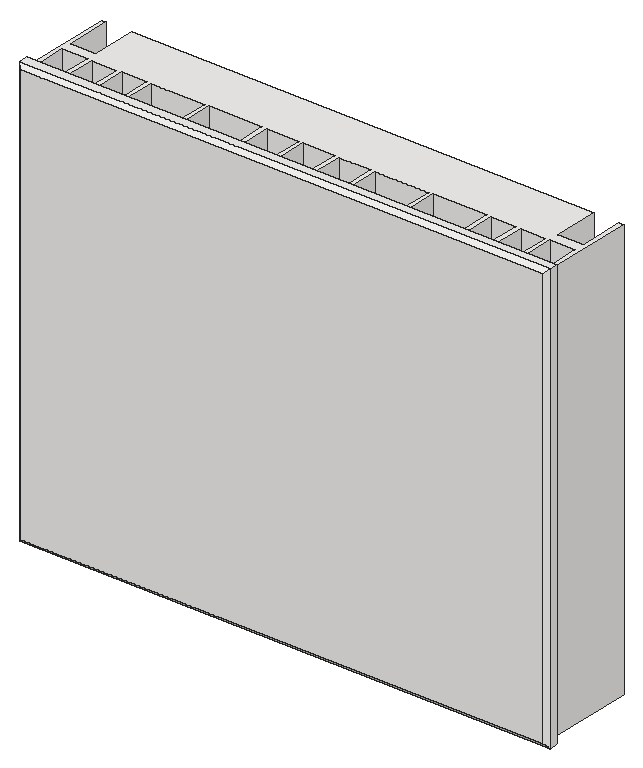
Revit family "Power_Module-Lutron-GRAFIK_Eye-PHPMPA", category Lighting Devices, Revit 2017
Family settings
  Maintain Annotation Orientation = No
  Round Connector Dimension = Use Diameter
  Part Type = Normal
  OmniClass Number = 23.85.80.11.27
  OmniClass Title = Lighting Controls
  Work Plane-Based = Yes
  Always vertical = No
  Cut with Voids When Loaded = No
  Shared = No
  Room Calculation Point = No
Parameters (values of type "PHPM-PA-120-WH")
  Warranty URL = "http://www.lutron.com/en-US/Service-Support/Pages/Service/Warranty/Warranty.aspx"
  Video Link = "https://www.youtube.com/user/LutronElectronicsInc"
  Version = "2017 - v1.0b"  # constant formula
  URL = "http://www.lutron.com"
  Type Comments = ""
  Support Phone = "(224) 699-9545"  # constant formula
  Support Email = "mailto: support@anguleris.com"
  Series = "GRAFIK Eye QS"
  Product Page URL = "http://www.lutron.com/en-US/Products/Pages/SingleRoomControls/GrafikEyeQS/Overview.aspx"
  Product Name = "Phase-Adaptive Power Module"
  Product Documentation Link = "http://www.lutron.com/TechnicalDocumentLibrary/369835.pdf"
  Power Module Material = Plastic - Lutron - White
  Performance URL = "http://www.lutron.com/en-US/Service-Support/Pages/Technical/PerfomanceSpecs.aspx"
  Overall Width = 0' - 6 77/256"
  Overall Height = 0' - 5 13/128"
  Overall Depth = 0' - 2 51/128"
  Number of Poles = 1
  Model = "PHPM-PA-120-WH"
  Manufacturer Phone Number = "610-282-3800"  # constant formula
  Manufacturer Fax Number = "610-282-1243"  # constant formula
  Manufacturer Email = "mailto:support@lutron.com"
  Manufacturer Address = "7200 Suter Rd, Coopersburg, PA 18036"  # constant formula
  Manufacturer = "Lutron Electronics Co., Inc"  # constant formula
  Load Voltage = 120 V
  Load Classification = Lighting
  Label = "PM"
  Keynote = ""
  Instruction Sheet Link = "http://www.lutron.com/TechnicalDocumentLibrary/032479.pdf"
  Graphic Symbol Visibility [instance] = not(Annotation Symbol Visibility)  # no
  Description = "Phase-Adaptive Power Module"
  Default Elevation = 4' - 0"
  Cost Info = "mailto:sales@lutron.com"
  Cost = 0
  Copyright = "© 2019 Lutron Electronics Co., Inc."  # constant formula
  Control Voltage = 120 V
  Control Power [instance] = 0 VA
  Capacity = 16 A
  Assembly Code = "D5020"
  Annotation Symbol Visibility [instance] = yes
Types (2): name | Model | Load Voltage
  PHPM-PA-120-WH | "PHPM-PA-120-WH" | 120 V
  PHPM-PA-DV-WH | "PHPM-PA-DV-WH" | 277 V
Reference planes (in)
  plane 1 "Center (Front/Back)": y = 0
  plane 2: z = 0
  plane 3 "Center (Left/Right)": x = 0
  plane 4: y = 1.19922
  plane 5: y = -1.19922
  plane 6: x = -3.15039
  plane 7: x = 3.15039
  plane 8: y = -1.05156
  plane 9: y = -0.65156
  plane 10: y = -0.53156
  plane 11: z = 5.10156
  plane 12: z = 2.55078
Forms (in)
  Extrusion 1, solid, material "Plastic - Lutron - White" <- "Power Module Material"
    sketch origin (0, 0, 0) x (-1, 0, 0) y (0, -1, 0)
      loop
        line (-3.10039, 1.19922) -> (-3.15039, 1.14922) -> (-3.15039, 1.05156) -> (-3.09961, 1.05156) -> (-3.09961, 0) -> (-3.04883, 0) -> (-3.04883, 0.53156) -> (-2.74805, 0.53156) -> (-2.74805, 0) -> (2.74805, 0) -> (2.74805, 0.53156) -> (3.04883, 0.53156) -> (3.04883, 0) -> (3.09961, 0) -> (3.09961, 1.05156) -> (3.15039, 1.05156) -> (3.15039, 1.14922) -> (3.10039, 1.19922) -> (-3.10039, 1.19922)
      loop
        line (-2.74805, 0.65156) -> (-2.74805, 1.05156) -> (-3.04883, 1.05156) -> (-3.04883, 0.65156) -> (-2.74805, 0.65156)
      loop
        line (-2.39648, 0.65156) -> (-2.39648, 1.05156) -> (-2.69727, 1.05156) -> (-2.69727, 0.65156) -> (-2.39648, 0.65156)
      loop
        line (-2.04492, 0.65156) -> (-2.04492, 1.05156) -> (-2.3457, 1.05156) -> (-2.3457, 0.65156) -> (-2.04492, 0.65156)
      loop
        line (2.74805, 0.65156) -> (3.04883, 0.65156) -> (3.04883, 1.05156) -> (2.74805, 1.05156) -> (2.74805, 0.65156)
      loop
        line (2.39648, 0.65156) -> (2.69727, 0.65156) -> (2.69727, 1.05156) -> (2.39648, 1.05156) -> (2.39648, 0.65156)
      loop
        line (2.04492, 0.65156) -> (2.3457, 0.65156) -> (2.3457, 1.05156) -> (2.04492, 1.05156) -> (2.04492, 0.65156)
      loop
        line (-0.19, 0.65156) -> (0.19, 0.65156) -> (0.19, 1.05156) -> (-0.19, 1.05156) -> (-0.19, 0.65156)
      loop
        line (-0.24078, 0.65156) -> (-0.24078, 1.05156) -> (-0.62078, 1.05156) -> (-0.62078, 0.65156) -> (-0.24078, 0.65156)
      loop
        line (0.24078, 0.65156) -> (0.62078, 0.65156) -> (0.62078, 1.05156) -> (0.24078, 1.05156) -> (0.24078, 0.65156)
      loop
        line (-0.67156, 0.65156) -> (-0.67156, 1.05156) -> (-1.30746, 1.05156) -> (-1.30746, 0.65156) -> (-0.67156, 0.65156)
      loop
        line (-1.99414, 1.05156) -> (-1.99414, 0.65156) -> (-1.35824, 0.65156) -> (-1.35824, 1.05156) -> (-1.99414, 1.05156)
      loop
        line (0.67156, 0.65156) -> (1.30746, 0.65156) -> (1.30746, 1.05156) -> (0.67156, 1.05156) -> (0.67156, 0.65156)
      loop
        line (1.99414, 1.05156) -> (1.35824, 1.05156) -> (1.35824, 0.65156) -> (1.99414, 0.65156) -> (1.99414, 1.05156)
    from 0 to 5.10156
  Extrusion 2, solid, material "Plastic - Lutron - White" <- "Power Module Material", detail levels fine
    sketch origin (0, 0, 0) x (-1, 0, 0) y (0, -1, 0)
      loop
        line (-1.72958, 0) -> (-1.72958, -1.19922) -> (-0.39919, -1.19922) -> (-0.1, -0.89841) -> (-0.1, 0) -> (-1.72958, 0)
      loop
        line (0.1, 0) -> (0.1, -0.90003) -> (0.40081, -1.19922) -> (1.7312, -1.19922) -> (1.7312, 0) -> (0.1, 0)
    from 1 to 4.10156
  Extrusion 3, void, detail levels fine
    sketch origin (0, 0, 0) x (0, -1, 0) y (0, 0, 1)
      loop
        line (1.14922, 5.10156) -> (1.19922, 5.05156) -> (1.19922, 5.10156) -> (1.14922, 5.10156)
      loop
        line (1.14922, 0) -> (1.19922, 0) -> (1.19922, 0.05) -> (1.14922, 0)
      loop
        line (0, 5.10156) -> (0, 5.05156) -> (1.05156, 5.05156) -> (1.05156, 5.10156) -> (0, 5.10156)
      loop
        line (0, 0) -> (1.05156, 0) -> (1.05156, 0.05) -> (0, 0.05) -> (0, 0)
    from 3.15039 to -3.15039
Cuts and joins
  Extrusion 3 cuts Extrusion 1
Lines and regions (in)
  symbolic lines, visible <- "Graphic Symbol Visibility", detail levels coarse+medium
    curve 1: line (-3.15039, 0, 0) -> (3.15039, 0, 0)
    curve 2: line (-3.15039, -1.19922, 0) -> (-3.15039, 0, 0)
    curve 3: line (3.15039, -1.19922, 0) -> (-3.15039, -1.19922, 0)
    curve 4: line (3.15039, 0, 0) -> (3.15039, -1.19922, 0)
  symbolic lines, detail levels fine
    curve 5: line (-3.15039, -1.14922, 0) -> (-3.10039, -1.19922, 0)
    curve 6: line (-3.10039, -1.19922, 0) -> (3.10039, -1.19922, 0)
    curve 7: line (-3.15039, -1.05156, 0) -> (-3.15039, -1.14922, 0)
    curve 8: line (3.15039, -1.05156, 0) -> (-3.15039, -1.05156, 0)
    curve 9: line (-3.09961, 0, 0) -> (-3.09961, -1.05156, 0)
    curve 10: line (3.10039, -1.19922, 0) -> (3.15039, -1.14922, 0)
    curve 11: line (3.15039, -1.14922, 0) -> (3.15039, -1.05156, 0)
    curve 12: line (3.09961, -1.05156, 0) -> (3.09961, 0, 0)
    curve 13: line (3.09961, 0, 0) -> (-3.09961, 0, 0)
Dimensions and locks (in)
  equal spacing: plane 6, plane 3 "Center (Left/Right)", plane 7
  "Overall Width": plane 6 to plane 7
  equal spacing: plane 5, plane 1 "Center (Front/Back)", plane 4
  "Overall Depth": plane 4 to plane 5
  locked: plane 1 "Center (Front/Back)" to plane 10 at 0.53156
  locked: plane 1 "Center (Front/Back)" to plane 9 at 0.65156
  locked: plane 1 "Center (Front/Back)" to plane 8 at 1.05156
  Extrusion 1 sketch curve to Extrusion 1 sketch curve to Extrusion 1 sketch curve to Extrusion 1 sketch curve to Extrusion 1 sketch curve to Extrusion 1 sketch curve to Extrusion 1 sketch curve to Extrusion 1 sketch curve to Extrusion 1 sketch curve to Extrusion 1 sketch curve to Extrusion 1 sketch curve to Extrusion 1 sketch curve to Extrusion 1 sketch curve to Extrusion 1 sketch curve to plane 3 "Center (Left/Right)" to Extrusion 1 sketch curve to Extrusion 1 sketch curve to Extrusion 1 sketch curve to Extrusion 1 sketch curve to Extrusion 1 sketch curve to Extrusion 1 sketch curve to Extrusion 1 sketch curve to Extrusion 1 sketch curve to Extrusion 1 sketch curve to Extrusion 1 sketch curve to Extrusion 1 sketch curve to Extrusion 1 sketch curve to Extrusion 1 sketch curve to Extrusion 1 sketch curve = 0' - 0 13/256" locked, 0' - 0 77/256" locked, 0' - 0 13/256" locked, 0' - 0 77/256" locked, 0' - 0 13/256" locked, 0' - 0 77/256" locked, 0' - 0 13/256" locked, 0' - 0.6359" locked, 0' - 0 13/256" locked, 0' - 0.6359" locked, 0' - 0 13/256" locked, 0' - 0.38" locked, 0' - 0 13/256" locked, 0' - 0.19" locked, 0' - 0.19" locked, 0' - 0 13/256" locked, 0' - 0.38" locked, 0' - 0 13/256" locked, 0' - 0.6359" locked, 0' - 0 13/256" locked, 0' - 0.6359" locked, 0' - 0 13/256" locked, 0' - 0 77/256" locked, 0' - 0 13/256" locked, 0' - 0 77/256" locked, 0' - 0 13/256" locked, 0' - 0 77/256" locked, 0' - 0 13/256" locked
  locked: Extrusion 1 sketch curve to Extrusion 1 sketch curve at 0.07071  (x2)
  Extrusion 2 sketch curve to Extrusion 2 sketch curve to Extrusion 2 sketch curve to Extrusion 2 sketch curve to Extrusion 2 sketch curve to Extrusion 2 sketch curve = 0' - 1.33039" locked, 0' - 0.29919" locked, 0' - 0.2" locked, 0' - 0.30081" locked, 0' - 1.33039" locked
  equal spacing: Extrusion 2 sketch curve, plane 3 "Center (Left/Right)", Extrusion 2 sketch curve
  Extrusion 2 sketch curve to Extrusion 2 sketch curve to plane 5 = 0' - 0.00162" locked, 0' - 2.09763"
  "Overall Height": plane 11 to plane 2
  equal spacing: plane 11, plane 12, plane 2
  locked: plane 11 to Extrusion 3 sketch curve at 0.05
  locked: Extrusion 3 sketch curve to plane 2 at 0.05
  equal spacing: Extrusion 1 sketch curve, plane 6, Extrusion 1 sketch curve
  equal spacing: Extrusion 1 sketch curve, plane 7, Extrusion 1 sketch curve
  equal spacing: Extrusion 2, plane 12, Extrusion 2
  locked: Extrusion 2 to Extrusion 2 at 3.10156
  aligned and locked: level to plane 2
  aligned and locked: Extrusion 1 sketch curve to Extrusion 1 sketch curve  (x4)
  aligned and locked: Extrusion 1 sketch curve to plane 1 "Center (Front/Back)"  (x2)
  aligned and locked: plane 8 to Extrusion 1 sketch curve  (x7)
  aligned and locked: Extrusion 1 sketch curve to plane 8  (x8)
  aligned and locked: plane 1 "Center (Front/Back)" to Extrusion 1 sketch curve
  aligned and locked: plane 9 to Extrusion 1 sketch curve  (x7)
  aligned and locked: Extrusion 1 sketch curve to plane 9  (x6)
  aligned and locked: plane 10 to Extrusion 1 sketch curve
  aligned and locked: Extrusion 1 sketch curve to plane 10
  aligned and locked: Extrusion 2 sketch curve to plane 1 "Center (Front/Back)"  (x2)
  aligned: plane 5 to Extrusion 2 sketch curve  (x2)
  aligned and locked: Extrusion 1 to plane 2
  aligned and locked: plane 11 to Extrusion 1
  aligned and locked: plane 11 to Extrusion 3 sketch curve
  aligned and locked: plane 2 to Extrusion 3 sketch curve
  aligned and locked: cut or joined group of Extrusion 1, Extrusion 3 to plane 7
  aligned and locked: cut or joined group of Extrusion 1, Extrusion 3 to plane 6
  aligned and locked: Extrusion 3 sketch curve to plane 11
  aligned and locked: plane 1 "Center (Front/Back)" to Extrusion 3 sketch curve
  aligned and locked: Extrusion 3 sketch curve to Extrusion 3 sketch curve  (x2)
  aligned and locked: Extrusion 3 sketch curve to plane 1 "Center (Front/Back)"
  aligned and locked: Extrusion 3 sketch curve to plane 2
  aligned and locked: cut or joined group of Extrusion 1, Extrusion 3 to plane 1 "Center (Front/Back)"
  aligned and locked: nested 1 to plane 3 "Center (Left/Right)"
  aligned and locked: plane 6 to curve 2
  aligned and locked: plane 7 to curve 4
  aligned and locked: curve 3 to plane 5
  aligned and locked: plane 1 "Center (Front/Back)" to curve 1
  aligned and locked: curve 13 to curve 1
Automatic sketch dimensions
  Extrusion 1 sketch curve to plane 7 = 0' - 0"
  plane 5 to Extrusion 1 sketch curve = 0' - 0"
  Extrusion 1 sketch curve to plane 6 = 0' - 0"
  Extrusion 2 sketch curve to plane 4 = 0' - 0"  (x2)
  Extrusion 3 sketch curve to plane 5 = 0' - 0"  (x2)
  curve 6 to curve 5 = 0' - 0"
  curve 6 to curve 10 = 0' - 0"
  curve 11 to curve 10 = 0' - 0"
  curve 7 to curve 5 = 0' - 0"
  curve 8 to plane 6 = 0' - 0"
  plane 5 to curve 6 = 0' - 0"
  curve 11 to plane 7 = 0' - 0"
  curve 2 to curve 5 = 0' - 0.05"
  plane 6 to curve 9 = 0' - 0 13/256"
  curve 13 to curve 1 = 0' - 0 13/256"
  plane 7 to curve 6 = 0' - 0.05"
  curve 11 to plane 5 = 0' - 0.05"
  curve 5 to plane 5 = 0' - 0.05"
  curve 5 to curve 7 = 0' - 0 25/256"
  Extrusion 3 sketch curve to Extrusion 3 sketch curve = 0' - 0.14766"
  Extrusion 3 sketch curve to plane 5 = 0' - 0.14766"
  Extrusion 3 sketch curve to plane 5 = 0' - 0.05"
  Extrusion 3 sketch curve to Extrusion 3 sketch curve = 0' - 0.05"
Nested families (in)
  nested 1: "Power Module" at (0, 0, 0) x (-1, 0, 0) z (0, 0, 1), visible <- "Annotation Symbol Visibility", type "Power Module", detail levels coarse+medium
Connectors (in)
  electrical at (-0.81264, 0.65969, 4.10156), driven by "Load Classification", driven by "Load Voltage", driven by "Number of Poles"
    settings: on Extrusion 2, index 1, voltage 120 V, apparent load 0 VA, apparent load phase1 0 VA, apparent load phase2 0 VA, apparent load phase3 0 VA, power factor 1, load classification "Lighting", number of poles 1, system type 30, power factor state 1, is connector primary yes, connector utility no, sub classification motor no, connector description "Load Power Connection"
  electrical at (0.81167, 0.65937, 4.10156), driven by "Load Classification", driven by "Number of Poles", driven by "Control Voltage", driven by "Control Power"
    settings: on Extrusion 2, index 2, voltage 120 V, apparent load 0 VA, apparent load phase1 0 VA, apparent load phase2 0 VA, apparent load phase3 0 VA, power factor 1, load classification "Lighting", number of poles 1, system type 30, power factor state 1, is connector primary no, connector utility no, sub classification motor no, connector description "Control Power Connection"
Definition of nested family "Power Module"
  Parameters
    Label = "PM"
  Reference planes (in)
    plane 1: y = 0
    plane 2: x = 0
  Lines and regions (in)
    detail lines
      curve 1: line (-0.05859, 0, 0) -> (0.05859, 0, 0)
      curve 2: line (0, 0, 0) -> (0, 0.05583, 0)
      curve 3: circle (0, 0.15544, 0) r 0.09961 normal (0, 0, 1)
  Text (in)
    label "PM" at (-0.00223, 0.1629, 0), shows "Label"
  Dimensions and locks (in)
    radius of curve 3 = 0' - 0.09961"
    aligned and locked: plane 2 to curve 2
    aligned and locked: plane 1 to curve 1
